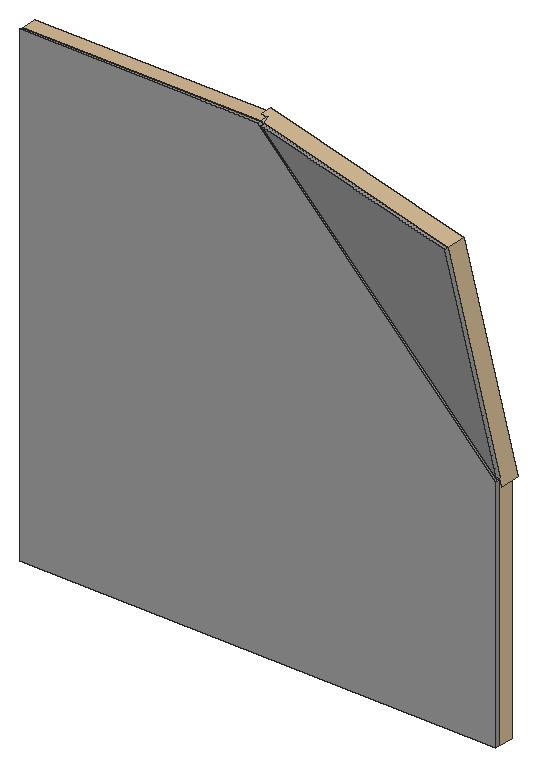
Revit family "ESPELHO CHANFRADO", category Mobiliário, Revit 2024
Family settings
  Número OmniClass = 23.40.20.00
  Título OmniClass = General Furniture and Specialties
  Com base no plano de trabalho = Não
  Ativar corte nas vistas = Não
  Sempre na vertical = Sim
  Corte com vazios quando carregada = Não
  Origem da aparência de renderização = Geometria da família
  Compartilhado = Não
  Ponto de cálculo do ambiente = Não
Parameters
  Elevação padrão = 0 mm
Reference planes
  plane 1 "Centro (Frente/Trás)": y = 0
  plane 2: z = 0
  plane 3 "Centro (Esquerda/Direita)": x = 0
Forms (mm)
  Extrusion 1, solid, material "MADEIRA NATURAL"
    sketch origin (-3273.476, -493.658, -2197.964) x (1, 0, 0) y (0, 0, 1)
      loop
        line (3817.42, 2790.756) -> (3517.42, 2790.756) -> (3517.42, 2190.756) -> (4117.42, 2190.756) -> (4117.42, 2490.756) -> (3817.42, 2790.756)
    from 0 to 20
  Extrusion 2, solid, material ".espelho_growarq"
    sketch origin (-3273.476, -513.658, -2197.964) x (1, 0, 0) y (0, 0, 1)
      loop
        line (3517.42, 2790.756) -> (3517.42, 2190.756) -> (4117.42, 2190.756) -> (4117.42, 2490.756) -> (3817.42, 2790.756) -> (3517.42, 2790.756)
    from 0 to 4
  Extrusion 3, solid, material "MADEIRA NATURAL"
    sketch origin (4400.967, 48.788, -5192.569) x (0.960346, -0.206493, -0.187341) y (0.122523, -0.291012, 0.948841)
      loop
        line (-4326.384, 4922.788) -> (-4368.079, 5236.063) -> (-4682.384, 5175.959) -> (-4326.384, 4922.788)
    from 0 to 20
  Extrusion 4, solid, material ".espelho_growarq"
    sketch origin (-3273.476, -513.658, -2197.964) x (1, 0, 0) y (0, 0, 1)
      loop
        line (3517.42, 2190.756) -> (4117.42, 2190.756) -> (4117.42, 2490.756) -> (3817.42, 2790.756) -> (3517.42, 2790.756) -> (3517.42, 2190.756)
    from 0 to 4
  Extrusion 5, solid, material ".espelho_growarq"
    sketch origin (4395.987, 30.097, -5197.647) x (0.960346, -0.206493, -0.187341) y (0.122523, -0.291012, 0.948841)
      loop
        line (-4327.968, 4934.688) -> (-4368.079, 5236.063) -> (-4667.127, 5178.877) -> (-4327.968, 4934.688)
    from 0 to 4
Dimensions and locks
  aligned and locked: level to plane 2
